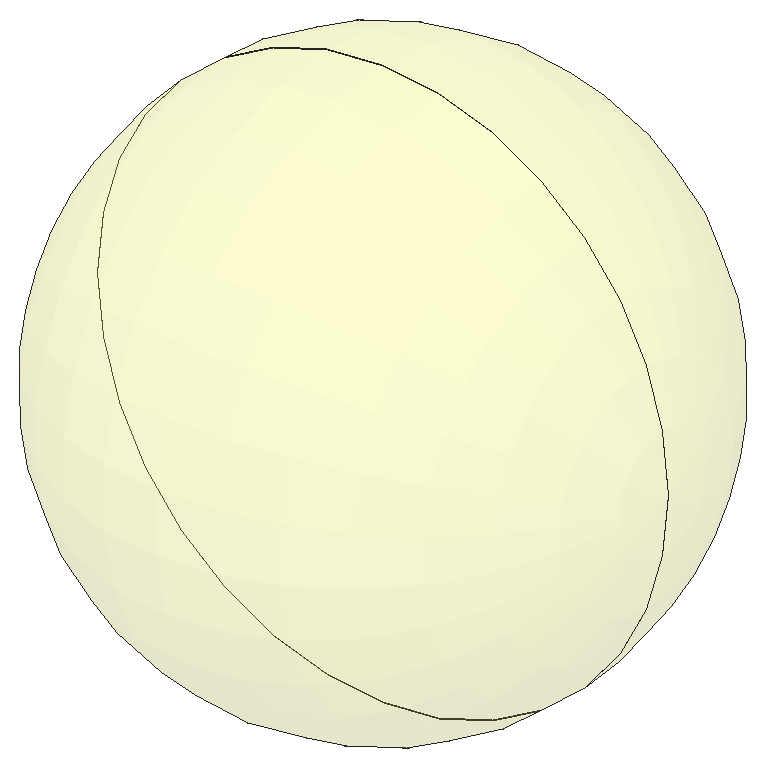
Revit family "Clash Sphere", category Generic Models, Revit 2016
Family settings
  Part Type = Normal
  Can host rebar = No
  Round Connector Dimension = Use Diameter
  OmniClass Number = 23.33.39.11
  Work Plane-Based = No
  Always vertical = Yes
  Cut with Voids When Loaded = No
  Shared = No
  Room Calculation Point = No
Parameters
  Status [instance] = ""
  Radius [instance] = 1' - 0"
  Element ID [instance] = ""
  Date Found = ""
  Clash Name [instance] = ""
Reference planes (in)
  plane 1 "Center (Front/Back)": y = 0
  plane 2: z = 0
  plane 3 "Center (Left/Right)": x = 0
Forms (in)
  Revolve 1, solid, material "Glass"
    sketch origin (0, 0, 0) x (1, 0, 0) y (0, 0, 1)
      loop
        arc (12, 0) -> (0, 12) -> (-12, 0) r 12
        line (-12, 0) -> (12, 0)
      axis (12, 0) -> (-12, 0)
    angle from 0 to 360
Dimensions and locks (in)
  "Radius": radius of Revolve 1 sketch curve
  aligned and locked: plane 2 to level
Automatic sketch dimensions
  Revolve 1 sketch curve to level = 0' - 0"  (x2)
  Revolve 1 sketch curve to plane 3 "Center (Left/Right)" = 0' - 0"  (x2)
  Revolve 1 sketch curve to Revolve 1 sketch curve = 0' - 6"
